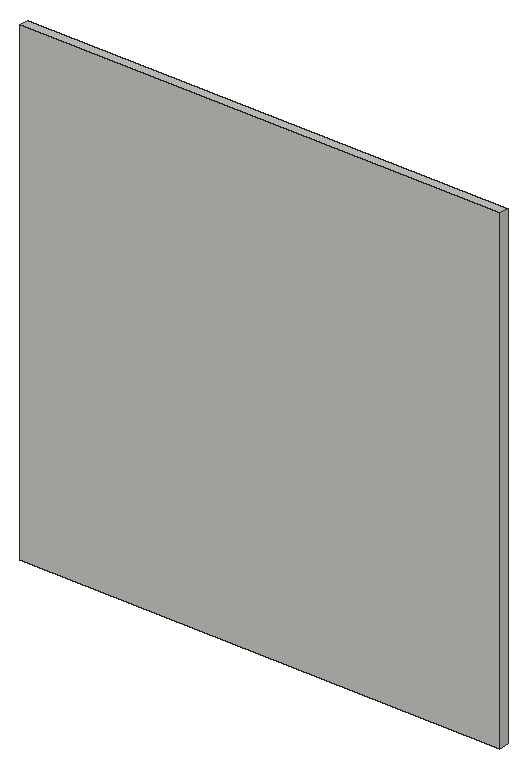
Revit family "PISO PARED HEXAGONO MARDEN VERDE CU_266121451", category Modelos genéricos, Revit 2024
Family settings
  Puede alojar armadura = No
  Cota de conector redondo = Usar diámetro
  Tipo de pieza = Normal
  Se basa en plano de trabajo = No
  Siempre vertical = Sí
  Corte con vacíos al cargar = No
  Mantener orientación de anotación = No
  Compartido = No
  Punto de cálculo de habitación = No
Parameters
  Elevación por defecto = 0 mm
Reference planes
  plane 1 "Center (Front/Back)": y = 0
  plane 2: z = 0
  plane 3 "Center (Left/Right)": x = 0
Forms (mm)
  Extrusion 1, solid, material "Analytical Panels"
    sketch origin (0, 0, 0) x (1, 0, 0) y (0, 1, 0)
      loop
        line (-1366.384, -136.448) -> (-1366.384, -194.576) -> (1633.616, -194.576) -> (1633.616, -136.448) -> (-1366.384, -136.448)
    from 0 to 3000
Dimensions and locks
  Extrusion 1 sketch curve to Extrusion 1 sketch curve = 58.128 mm
  Extrusion 1 to Extrusion 1 = 3000 mm  (x2)
  aligned and locked: level to plane 2
